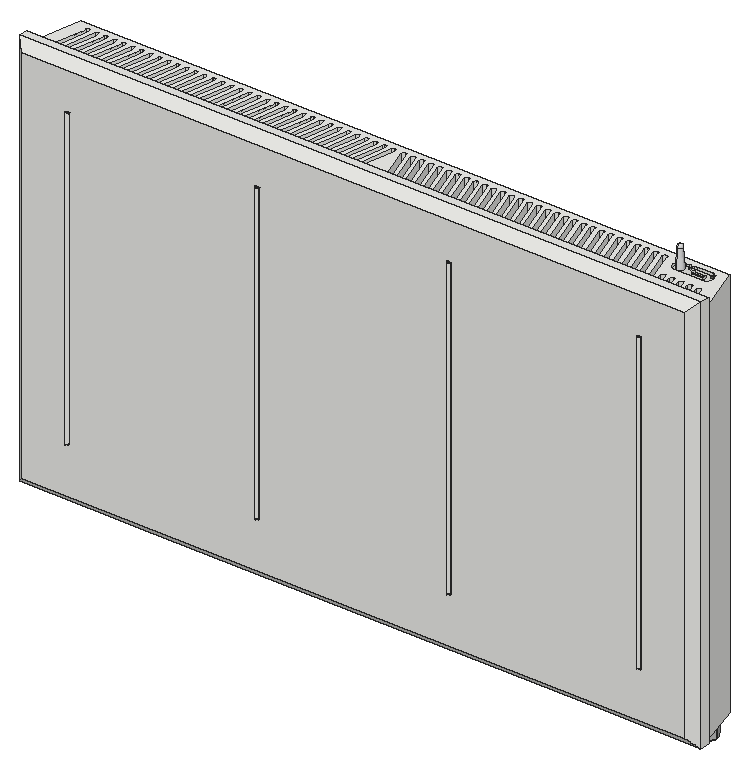
Revit family "MDN 750 RF", category Mechanical Equipment, Revit 2018
Family settings
  Round Connector Dimension = Use Radius
  Part Type = Normal
  OmniClass Number = 23.75.10.14.14.11
  OmniClass Title = Storage Heaters
  Work Plane-Based = No
  Always vertical = Yes
  Cut with Voids When Loaded = No
  Shared = No
  Room Calculation Point = No
Parameters
  Zwart = Zwart
  Voltage = 230 V
  URL = "https://masterwatt.nl/"
  Power (default) = 750 VA
  Phase = 1
  Model = "MDN 750 RF"
  Manufacturer = "Masterwatt B.V."
  Copyright = "Masterwatt B.V."  # constant formula
  Colour = Laquer White
  Scherm = Screen
  Beugel = Metaal
  Licht grijs = Licht grijs
  Diepte = 71 mm
  Hoogte = 440 mm
  Breedte = 750 mm
  Art. No. = "429 754 221"
Reference planes
  plane 1 "Center (Front/Back)": y = 0
  plane 2: z = 0
  plane 3 "Center (Left/Right)": x = 0
  plane 4: x = 375
  plane 5: x = -375
  plane 6: z = 440
  plane 7: y = 35.5
  plane 8: y = -35.5
  plane 9: z = 402
  plane 10: z = 412
  plane 11: x = -222
  plane 12: x = 222
  plane 13: z = 32
  plane 14: x = -201
  plane 15: x = 201
  plane 16: z = 367
  plane 17: x = -22
  plane 18: x = 22
Forms (mm)
  Extrusion 1, solid, material "Laquer White" <- "Colour"
    sketch origin (0, 0, 0) x (1, 0, 0) y (0, 0, 1)
      loop
        line (-375, 440) -> (-375, 0) -> (375, 0) -> (375, 440) -> (-375, 440)
    from 15.5 to 35.5
  Sweep 2, void
    path in 3D
      loop
        line (-375, -35.5, 440) -> (-375, -35.5, 0) -> (375, -35.5, 0) -> (375, -35.5, 440) -> (-375, -35.5, 440)
    profile origin (0, -35.5, 440) x (0, -1, 0) y (0, 0, 1)
      loop
        line (0, 0) -> (-10, 0) -> (0, -10) -> (0, 0)
  Blend 3, void
    base sketch origin (-629, 0, 0) x (1, 0, 0) y (0, 0, 1)
      loop
        line (314, 388) -> (314, 62) -> (315, 62) -> (315, 388) -> (314, 388)
    top sketch origin (-629, 0, 0) x (1, 0, 0) y (0, 0, 1)
      loop
        arc (312, 390) -> (311.293, 389.707) -> (311, 389) r 1
        line (311, 389) -> (311, 61)
        arc (311, 61) -> (311.293, 60.293) -> (312, 60) r 1
        line (312, 60) -> (317, 60)
        arc (317, 60) -> (317.707, 60.293) -> (318, 61) r 1
        line (318, 61) -> (318, 389)
        arc (318, 389) -> (317.707, 389.707) -> (317, 390) r 1
        line (317, 390) -> (312, 390)
    from 34 to 36
  Blend 4, void
    base sketch origin (-420, 0, 0) x (1, 0, 0) y (0, 0, 1)
      loop
        line (314, 388) -> (314, 62) -> (315, 62) -> (315, 388) -> (314, 388)
    top sketch origin (-420, 0, 0) x (1, 0, 0) y (0, 0, 1)
      loop
        arc (312, 390) -> (311.293, 389.707) -> (311, 389) r 1
        line (311, 389) -> (311, 61)
        arc (311, 61) -> (311.293, 60.293) -> (312, 60) r 1
        line (312, 60) -> (317, 60)
        arc (317, 60) -> (317.707, 60.293) -> (318, 61) r 1
        line (318, 61) -> (318, 389)
        arc (318, 389) -> (317.707, 389.707) -> (317, 390) r 1
        line (317, 390) -> (312, 390)
    from 34 to 36
  Blend 5, void
    base sketch origin (-209, 0, 0) x (1, 0, 0) y (0, 0, 1)
      loop
        line (314, 388) -> (314, 62) -> (315, 62) -> (315, 388) -> (314, 388)
    top sketch origin (-209, 0, 0) x (1, 0, 0) y (0, 0, 1)
      loop
        arc (312, 390) -> (311.293, 389.707) -> (311, 389) r 1
        line (311, 389) -> (311, 61)
        arc (311, 61) -> (311.293, 60.293) -> (312, 60) r 1
        line (312, 60) -> (317, 60)
        arc (317, 60) -> (317.707, 60.293) -> (318, 61) r 1
        line (318, 61) -> (318, 389)
        arc (318, 389) -> (317.707, 389.707) -> (317, 390) r 1
        line (317, 390) -> (312, 390)
    from 34 to 36
  Extrusion 6, solid, material "Laquer White"
    sketch origin (0, 0, 0) x (0, 1, 0) y (0, 0, 1)
      loop
        line (-25.5, 2) -> (35.5, 2) -> (35.5, 434) -> (-25.5, 428.02) -> (-25.5, 2)
    from -373 to 373
  Extrusion 7, void
    sketch origin (0, 0, 0) x (1, 0, 0) y (0, 1, 0)
      loop
        line (373, -15.5) -> (373, 35.5) -> (357.408, 35.5) -> (373, -15.5)
    from 2 to 440
  Extrusion 8, void
    sketch origin (0, 0, 0) x (-1, 0, 0) y (0, -1, 0)
      loop
        line (373, 15.5) -> (357.408, -35.5) -> (373, -35.5) -> (373, 15.5)
    from 2 to 440
  Extrusion 9, void
    sketch origin (0, 0, 0) x (1, 0, 0) y (0, 1, 0)
      loop
        arc (350.43, -7.84) -> (353.551, -9.5) -> (355.211, -6.378) r 2.5
        line (355.211, -6.378) -> (352.288, 3.185)
        arc (352.288, 3.185) -> (349.166, 4.845) -> (347.506, 1.723) r 2.5
        line (347.506, 1.723) -> (350.43, -7.84)
      loop
        arc (340.53, -7.84) -> (343.651, -9.5) -> (345.311, -6.378) r 2.5
        line (345.311, -6.378) -> (342.388, 3.185)
        arc (342.388, 3.185) -> (339.266, 4.845) -> (337.606, 1.723) r 2.5
        line (337.606, 1.723) -> (340.53, -7.84)
      loop
        arc (330.63, -7.84) -> (333.751, -9.5) -> (335.411, -6.378) r 2.5
        line (335.411, -6.378) -> (332.488, 3.185)
        arc (332.488, 3.185) -> (329.366, 4.845) -> (327.706, 1.723) r 2.5
        line (327.706, 1.723) -> (330.63, -7.84)
      loop
        arc (320.73, -7.84) -> (323.851, -9.5) -> (325.511, -6.378) r 2.5
        line (325.511, -6.378) -> (322.588, 3.185)
        arc (322.588, 3.185) -> (319.466, 4.845) -> (317.806, 1.723) r 2.5
        line (317.806, 1.723) -> (320.73, -7.84)
      loop
        arc (310.83, -7.84) -> (313.951, -9.5) -> (315.611, -6.378) r 2.5
        line (315.611, -6.378) -> (312.688, 3.185)
        arc (312.688, 3.185) -> (309.566, 4.845) -> (307.906, 1.723) r 2.5
        line (307.906, 1.723) -> (310.83, -7.84)
      loop
        arc (300.93, -7.84) -> (304.051, -9.5) -> (305.711, -6.378) r 2.5
        line (305.711, -6.378) -> (295.478, 27.092)
        arc (295.478, 27.092) -> (292.357, 28.752) -> (290.697, 25.63) r 2.5
        line (290.697, 25.63) -> (300.93, -7.84)
      loop
        arc (291.03, -7.84) -> (294.151, -9.5) -> (295.811, -6.378) r 2.5
        line (295.811, -6.378) -> (285.578, 27.092)
        arc (285.578, 27.092) -> (282.457, 28.752) -> (280.797, 25.63) r 2.5
        line (280.797, 25.63) -> (291.03, -7.84)
      loop
        arc (281.13, -7.84) -> (284.251, -9.5) -> (285.911, -6.378) r 2.5
        line (285.911, -6.378) -> (275.678, 27.092)
        arc (275.678, 27.092) -> (272.557, 28.752) -> (270.897, 25.63) r 2.5
        line (270.897, 25.63) -> (281.13, -7.84)
      loop
        arc (271.23, -7.84) -> (274.351, -9.5) -> (276.011, -6.378) r 2.5
        line (276.011, -6.378) -> (265.778, 27.092)
        arc (265.778, 27.092) -> (262.657, 28.752) -> (260.997, 25.63) r 2.5
        line (260.997, 25.63) -> (271.23, -7.84)
      loop
        arc (261.33, -7.84) -> (264.451, -9.5) -> (266.111, -6.378) r 2.5
        line (266.111, -6.378) -> (255.878, 27.092)
        arc (255.878, 27.092) -> (252.757, 28.752) -> (251.097, 25.63) r 2.5
        line (251.097, 25.63) -> (261.33, -7.84)
      loop
        arc (251.43, -7.84) -> (254.551, -9.5) -> (256.211, -6.378) r 2.5
        line (256.211, -6.378) -> (245.978, 27.092)
        arc (245.978, 27.092) -> (242.857, 28.752) -> (241.197, 25.63) r 2.5
        line (241.197, 25.63) -> (251.43, -7.84)
      loop
        arc (241.53, -7.84) -> (244.651, -9.5) -> (246.311, -6.378) r 2.5
        line (246.311, -6.378) -> (236.078, 27.092)
        arc (236.078, 27.092) -> (232.957, 28.752) -> (231.297, 25.63) r 2.5
        line (231.297, 25.63) -> (241.53, -7.84)
      loop
        arc (231.63, -7.84) -> (234.751, -9.5) -> (236.411, -6.378) r 2.5
        line (236.411, -6.378) -> (226.178, 27.092)
        arc (226.178, 27.092) -> (223.057, 28.752) -> (221.397, 25.63) r 2.5
        line (221.397, 25.63) -> (231.63, -7.84)
      loop
        arc (221.73, -7.84) -> (224.851, -9.5) -> (226.511, -6.378) r 2.5
        line (226.511, -6.378) -> (216.278, 27.092)
        arc (216.278, 27.092) -> (213.157, 28.752) -> (211.497, 25.63) r 2.5
        line (211.497, 25.63) -> (221.73, -7.84)
      loop
        arc (211.83, -7.84) -> (214.951, -9.5) -> (216.611, -6.378) r 2.5
        line (216.611, -6.378) -> (206.378, 27.092)
        arc (206.378, 27.092) -> (203.257, 28.752) -> (201.597, 25.63) r 2.5
        line (201.597, 25.63) -> (211.83, -7.84)
      loop
        arc (201.93, -7.84) -> (205.051, -9.5) -> (206.711, -6.378) r 2.5
        line (206.711, -6.378) -> (196.478, 27.092)
        arc (196.478, 27.092) -> (193.357, 28.752) -> (191.697, 25.63) r 2.5
        line (191.697, 25.63) -> (201.93, -7.84)
      loop
        arc (192.03, -7.84) -> (195.151, -9.5) -> (196.811, -6.378) r 2.5
        line (196.811, -6.378) -> (186.578, 27.092)
        arc (186.578, 27.092) -> (183.457, 28.752) -> (181.797, 25.63) r 2.5
        line (181.797, 25.63) -> (192.03, -7.84)
      loop
        arc (182.13, -7.84) -> (185.251, -9.5) -> (186.911, -6.378) r 2.5
        line (186.911, -6.378) -> (176.678, 27.092)
        arc (176.678, 27.092) -> (173.557, 28.752) -> (171.897, 25.63) r 2.5
        line (171.897, 25.63) -> (182.13, -7.84)
      loop
        arc (172.23, -7.84) -> (175.351, -9.5) -> (177.011, -6.378) r 2.5
        line (177.011, -6.378) -> (166.778, 27.092)
        arc (166.778, 27.092) -> (163.657, 28.752) -> (161.997, 25.63) r 2.5
        line (161.997, 25.63) -> (172.23, -7.84)
      loop
        arc (162.33, -7.84) -> (165.451, -9.5) -> (167.111, -6.378) r 2.5
        line (167.111, -6.378) -> (156.878, 27.092)
        arc (156.878, 27.092) -> (153.757, 28.752) -> (152.097, 25.63) r 2.5
        line (152.097, 25.63) -> (162.33, -7.84)
      loop
        arc (152.43, -7.84) -> (155.551, -9.5) -> (157.211, -6.378) r 2.5
        line (157.211, -6.378) -> (146.978, 27.092)
        arc (146.978, 27.092) -> (143.857, 28.752) -> (142.197, 25.63) r 2.5
        line (142.197, 25.63) -> (152.43, -7.84)
      loop
        arc (142.53, -7.84) -> (145.651, -9.5) -> (147.311, -6.378) r 2.5
        line (147.311, -6.378) -> (137.078, 27.092)
        arc (137.078, 27.092) -> (133.957, 28.752) -> (132.297, 25.63) r 2.5
        line (132.297, 25.63) -> (142.53, -7.84)
      loop
        arc (132.63, -7.84) -> (135.751, -9.5) -> (137.411, -6.378) r 2.5
        line (137.411, -6.378) -> (127.178, 27.092)
        arc (127.178, 27.092) -> (124.057, 28.752) -> (122.397, 25.63) r 2.5
        line (122.397, 25.63) -> (132.63, -7.84)
      loop
        arc (122.73, -7.84) -> (125.851, -9.5) -> (127.511, -6.378) r 2.5
        line (127.511, -6.378) -> (117.278, 27.092)
        arc (117.278, 27.092) -> (114.157, 28.752) -> (112.497, 25.63) r 2.5
        line (112.497, 25.63) -> (122.73, -7.84)
      loop
        arc (112.83, -7.84) -> (115.951, -9.5) -> (117.611, -6.378) r 2.5
        line (117.611, -6.378) -> (107.378, 27.092)
        arc (107.378, 27.092) -> (104.257, 28.752) -> (102.597, 25.63) r 2.5
        line (102.597, 25.63) -> (112.83, -7.84)
      loop
        arc (102.93, -7.84) -> (106.051, -9.5) -> (107.711, -6.378) r 2.5
        line (107.711, -6.378) -> (97.478, 27.092)
        arc (97.478, 27.092) -> (94.357, 28.752) -> (92.697, 25.63) r 2.5
        line (92.697, 25.63) -> (102.93, -7.84)
      loop
        arc (93.03, -7.84) -> (96.151, -9.5) -> (97.811, -6.378) r 2.5
        line (97.811, -6.378) -> (87.578, 27.092)
        arc (87.578, 27.092) -> (84.457, 28.752) -> (82.797, 25.63) r 2.5
        line (82.797, 25.63) -> (93.03, -7.84)
      loop
        arc (83.13, -7.84) -> (86.251, -9.5) -> (87.911, -6.378) r 2.5
        line (87.911, -6.378) -> (77.678, 27.092)
        arc (77.678, 27.092) -> (74.557, 28.752) -> (72.897, 25.63) r 2.5
        line (72.897, 25.63) -> (83.13, -7.84)
      loop
        arc (73.23, -7.84) -> (76.351, -9.5) -> (78.011, -6.378) r 2.5
        line (78.011, -6.378) -> (67.778, 27.092)
        arc (67.778, 27.092) -> (64.657, 28.752) -> (62.997, 25.63) r 2.5
        line (62.997, 25.63) -> (73.23, -7.84)
      loop
        arc (63.33, -7.84) -> (66.451, -9.5) -> (68.111, -6.378) r 2.5
        line (68.111, -6.378) -> (57.878, 27.092)
        arc (57.878, 27.092) -> (54.757, 28.752) -> (53.097, 25.63) r 2.5
        line (53.097, 25.63) -> (63.33, -7.84)
      loop
        arc (53.43, -7.84) -> (56.551, -9.5) -> (58.211, -6.378) r 2.5
        line (58.211, -6.378) -> (47.978, 27.092)
        arc (47.978, 27.092) -> (44.857, 28.752) -> (43.197, 25.63) r 2.5
        line (43.197, 25.63) -> (53.43, -7.84)
      loop
        arc (43.53, -7.84) -> (46.651, -9.5) -> (48.311, -6.378) r 2.5
        line (48.311, -6.378) -> (38.078, 27.092)
        arc (38.078, 27.092) -> (34.957, 28.752) -> (33.297, 25.63) r 2.5
        line (33.297, 25.63) -> (43.53, -7.84)
      loop
        arc (33.63, -7.84) -> (36.751, -9.5) -> (38.411, -6.378) r 2.5
        line (38.411, -6.378) -> (28.178, 27.092)
        arc (28.178, 27.092) -> (25.057, 28.752) -> (23.397, 25.63) r 2.5
        line (23.397, 25.63) -> (33.63, -7.84)
      loop
        arc (23.73, -7.84) -> (26.851, -9.5) -> (28.511, -6.378) r 2.5
        line (28.511, -6.378) -> (18.278, 27.092)
        arc (18.278, 27.092) -> (15.157, 28.752) -> (13.497, 25.63) r 2.5
        line (13.497, 25.63) -> (23.73, -7.84)
      loop
        arc (13.83, -7.84) -> (16.951, -9.5) -> (18.611, -6.378) r 2.5
        line (18.611, -6.378) -> (8.378, 27.092)
        arc (8.378, 27.092) -> (5.257, 28.752) -> (3.597, 25.63) r 2.5
        line (3.597, 25.63) -> (13.83, -7.84)
      loop
        line (-350.43, -7.84) -> (-340.197, 25.63)
        arc (-340.197, 25.63) -> (-341.857, 28.752) -> (-344.978, 27.092) r 2.5
        line (-344.978, 27.092) -> (-355.211, -6.378)
        arc (-355.211, -6.378) -> (-353.551, -9.5) -> (-350.43, -7.84) r 2.5
      loop
        line (-340.53, -7.84) -> (-330.297, 25.63)
        arc (-330.297, 25.63) -> (-331.957, 28.752) -> (-335.078, 27.092) r 2.5
        line (-335.078, 27.092) -> (-345.311, -6.378)
        arc (-345.311, -6.378) -> (-343.651, -9.5) -> (-340.53, -7.84) r 2.5
      loop
        line (-330.63, -7.84) -> (-320.397, 25.63)
        arc (-320.397, 25.63) -> (-322.057, 28.752) -> (-325.178, 27.092) r 2.5
        line (-325.178, 27.092) -> (-335.411, -6.378)
        arc (-335.411, -6.378) -> (-333.751, -9.5) -> (-330.63, -7.84) r 2.5
      loop
        line (-320.73, -7.84) -> (-310.497, 25.63)
        arc (-310.497, 25.63) -> (-312.157, 28.752) -> (-315.278, 27.092) r 2.5
        line (-315.278, 27.092) -> (-325.511, -6.378)
        arc (-325.511, -6.378) -> (-323.851, -9.5) -> (-320.73, -7.84) r 2.5
      loop
        line (-310.83, -7.84) -> (-300.597, 25.63)
        arc (-300.597, 25.63) -> (-302.257, 28.752) -> (-305.378, 27.092) r 2.5
        line (-305.378, 27.092) -> (-315.611, -6.378)
        arc (-315.611, -6.378) -> (-313.951, -9.5) -> (-310.83, -7.84) r 2.5
      loop
        line (-300.93, -7.84) -> (-290.697, 25.63)
        arc (-290.697, 25.63) -> (-292.357, 28.752) -> (-295.478, 27.092) r 2.5
        line (-295.478, 27.092) -> (-305.711, -6.378)
        arc (-305.711, -6.378) -> (-304.051, -9.5) -> (-300.93, -7.84) r 2.5
      loop
        line (-291.03, -7.84) -> (-280.797, 25.63)
        arc (-280.797, 25.63) -> (-282.457, 28.752) -> (-285.578, 27.092) r 2.5
        line (-285.578, 27.092) -> (-295.811, -6.378)
        arc (-295.811, -6.378) -> (-294.151, -9.5) -> (-291.03, -7.84) r 2.5
      loop
        line (-281.13, -7.84) -> (-270.897, 25.63)
        arc (-270.897, 25.63) -> (-272.557, 28.752) -> (-275.678, 27.092) r 2.5
        line (-275.678, 27.092) -> (-285.911, -6.378)
        arc (-285.911, -6.378) -> (-284.251, -9.5) -> (-281.13, -7.84) r 2.5
      loop
        line (-271.23, -7.84) -> (-260.997, 25.63)
        arc (-260.997, 25.63) -> (-262.657, 28.752) -> (-265.778, 27.092) r 2.5
        line (-265.778, 27.092) -> (-276.011, -6.378)
        arc (-276.011, -6.378) -> (-274.351, -9.5) -> (-271.23, -7.84) r 2.5
      loop
        line (-261.33, -7.84) -> (-251.097, 25.63)
        arc (-251.097, 25.63) -> (-252.757, 28.752) -> (-255.878, 27.092) r 2.5
        line (-255.878, 27.092) -> (-266.111, -6.378)
        arc (-266.111, -6.378) -> (-264.451, -9.5) -> (-261.33, -7.84) r 2.5
      loop
        line (-251.43, -7.84) -> (-241.197, 25.63)
        arc (-241.197, 25.63) -> (-242.857, 28.752) -> (-245.978, 27.092) r 2.5
        line (-245.978, 27.092) -> (-256.211, -6.378)
        arc (-256.211, -6.378) -> (-254.551, -9.5) -> (-251.43, -7.84) r 2.5
      loop
        line (-241.53, -7.84) -> (-231.297, 25.63)
        arc (-231.297, 25.63) -> (-232.957, 28.752) -> (-236.078, 27.092) r 2.5
        line (-236.078, 27.092) -> (-246.311, -6.378)
        arc (-246.311, -6.378) -> (-244.651, -9.5) -> (-241.53, -7.84) r 2.5
      loop
        line (-231.63, -7.84) -> (-221.397, 25.63)
        arc (-221.397, 25.63) -> (-223.057, 28.752) -> (-226.178, 27.092) r 2.5
        line (-226.178, 27.092) -> (-236.411, -6.378)
        arc (-236.411, -6.378) -> (-234.751, -9.5) -> (-231.63, -7.84) r 2.5
      loop
        line (-221.73, -7.84) -> (-211.497, 25.63)
        arc (-211.497, 25.63) -> (-213.157, 28.752) -> (-216.278, 27.092) r 2.5
        line (-216.278, 27.092) -> (-226.511, -6.378)
        arc (-226.511, -6.378) -> (-224.851, -9.5) -> (-221.73, -7.84) r 2.5
      loop
        line (-211.83, -7.84) -> (-201.597, 25.63)
        arc (-201.597, 25.63) -> (-203.257, 28.752) -> (-206.378, 27.092) r 2.5
        line (-206.378, 27.092) -> (-216.611, -6.378)
        arc (-216.611, -6.378) -> (-214.951, -9.5) -> (-211.83, -7.84) r 2.5
      loop
        line (-201.93, -7.84) -> (-191.697, 25.63)
        arc (-191.697, 25.63) -> (-193.357, 28.752) -> (-196.478, 27.092) r 2.5
        line (-196.478, 27.092) -> (-206.711, -6.378)
        arc (-206.711, -6.378) -> (-205.051, -9.5) -> (-201.93, -7.84) r 2.5
      loop
        line (-192.03, -7.84) -> (-181.797, 25.63)
        arc (-181.797, 25.63) -> (-183.457, 28.752) -> (-186.578, 27.092) r 2.5
        line (-186.578, 27.092) -> (-196.811, -6.378)
        arc (-196.811, -6.378) -> (-195.151, -9.5) -> (-192.03, -7.84) r 2.5
      loop
        line (-182.13, -7.84) -> (-171.897, 25.63)
        arc (-171.897, 25.63) -> (-173.557, 28.752) -> (-176.678, 27.092) r 2.5
        line (-176.678, 27.092) -> (-186.911, -6.378)
        arc (-186.911, -6.378) -> (-185.251, -9.5) -> (-182.13, -7.84) r 2.5
      loop
        line (-172.23, -7.84) -> (-161.997, 25.63)
        arc (-161.997, 25.63) -> (-163.657, 28.752) -> (-166.778, 27.092) r 2.5
        line (-166.778, 27.092) -> (-177.011, -6.378)
        arc (-177.011, -6.378) -> (-175.351, -9.5) -> (-172.23, -7.84) r 2.5
      loop
        line (-162.33, -7.84) -> (-152.097, 25.63)
        arc (-152.097, 25.63) -> (-153.757, 28.752) -> (-156.878, 27.092) r 2.5
        line (-156.878, 27.092) -> (-167.111, -6.378)
        arc (-167.111, -6.378) -> (-165.451, -9.5) -> (-162.33, -7.84) r 2.5
      loop
        line (-152.43, -7.84) -> (-142.197, 25.63)
        arc (-142.197, 25.63) -> (-143.857, 28.752) -> (-146.978, 27.092) r 2.5
        line (-146.978, 27.092) -> (-157.211, -6.378)
        arc (-157.211, -6.378) -> (-155.551, -9.5) -> (-152.43, -7.84) r 2.5
      loop
        line (-142.53, -7.84) -> (-132.297, 25.63)
        arc (-132.297, 25.63) -> (-133.957, 28.752) -> (-137.078, 27.092) r 2.5
        line (-137.078, 27.092) -> (-147.311, -6.378)
        arc (-147.311, -6.378) -> (-145.651, -9.5) -> (-142.53, -7.84) r 2.5
      loop
        line (-132.63, -7.84) -> (-122.397, 25.63)
        arc (-122.397, 25.63) -> (-124.057, 28.752) -> (-127.178, 27.092) r 2.5
        line (-127.178, 27.092) -> (-137.411, -6.378)
        arc (-137.411, -6.378) -> (-135.751, -9.5) -> (-132.63, -7.84) r 2.5
      loop
        line (-122.73, -7.84) -> (-112.497, 25.63)
        arc (-112.497, 25.63) -> (-114.157, 28.752) -> (-117.278, 27.092) r 2.5
        line (-117.278, 27.092) -> (-127.511, -6.378)
        arc (-127.511, -6.378) -> (-125.851, -9.5) -> (-122.73, -7.84) r 2.5
      loop
        line (-112.83, -7.84) -> (-102.597, 25.63)
        arc (-102.597, 25.63) -> (-104.257, 28.752) -> (-107.378, 27.092) r 2.5
        line (-107.378, 27.092) -> (-117.611, -6.378)
        arc (-117.611, -6.378) -> (-115.951, -9.5) -> (-112.83, -7.84) r 2.5
      loop
        line (-102.93, -7.84) -> (-92.697, 25.63)
        arc (-92.697, 25.63) -> (-94.357, 28.752) -> (-97.478, 27.092) r 2.5
        line (-97.478, 27.092) -> (-107.711, -6.378)
        arc (-107.711, -6.378) -> (-106.051, -9.5) -> (-102.93, -7.84) r 2.5
      loop
        line (-93.03, -7.84) -> (-82.797, 25.63)
        arc (-82.797, 25.63) -> (-84.457, 28.752) -> (-87.578, 27.092) r 2.5
        line (-87.578, 27.092) -> (-97.811, -6.378)
        arc (-97.811, -6.378) -> (-96.151, -9.5) -> (-93.03, -7.84) r 2.5
      loop
        line (-83.13, -7.84) -> (-72.897, 25.63)
        arc (-72.897, 25.63) -> (-74.557, 28.752) -> (-77.678, 27.092) r 2.5
        line (-77.678, 27.092) -> (-87.911, -6.378)
        arc (-87.911, -6.378) -> (-86.251, -9.5) -> (-83.13, -7.84) r 2.5
      loop
        line (-73.23, -7.84) -> (-62.997, 25.63)
        arc (-62.997, 25.63) -> (-64.657, 28.752) -> (-67.778, 27.092) r 2.5
        line (-67.778, 27.092) -> (-78.011, -6.378)
        arc (-78.011, -6.378) -> (-76.351, -9.5) -> (-73.23, -7.84) r 2.5
      loop
        line (-63.33, -7.84) -> (-53.097, 25.63)
        arc (-53.097, 25.63) -> (-54.757, 28.752) -> (-57.878, 27.092) r 2.5
        line (-57.878, 27.092) -> (-68.111, -6.378)
        arc (-68.111, -6.378) -> (-66.451, -9.5) -> (-63.33, -7.84) r 2.5
      loop
        line (-53.43, -7.84) -> (-43.197, 25.63)
        arc (-43.197, 25.63) -> (-44.857, 28.752) -> (-47.978, 27.092) r 2.5
        line (-47.978, 27.092) -> (-58.211, -6.378)
        arc (-58.211, -6.378) -> (-56.551, -9.5) -> (-53.43, -7.84) r 2.5
      loop
        line (-43.53, -7.84) -> (-33.297, 25.63)
        arc (-33.297, 25.63) -> (-34.957, 28.752) -> (-38.078, 27.092) r 2.5
        line (-38.078, 27.092) -> (-48.311, -6.378)
        arc (-48.311, -6.378) -> (-46.651, -9.5) -> (-43.53, -7.84) r 2.5
      loop
        line (-33.63, -7.84) -> (-23.397, 25.63)
        arc (-23.397, 25.63) -> (-25.057, 28.752) -> (-28.178, 27.092) r 2.5
        line (-28.178, 27.092) -> (-38.411, -6.378)
        arc (-38.411, -6.378) -> (-36.751, -9.5) -> (-33.63, -7.84) r 2.5
      loop
        line (-23.73, -7.84) -> (-13.497, 25.63)
        arc (-13.497, 25.63) -> (-15.157, 28.752) -> (-18.278, 27.092) r 2.5
        line (-18.278, 27.092) -> (-28.511, -6.378)
        arc (-28.511, -6.378) -> (-26.851, -9.5) -> (-23.73, -7.84) r 2.5
      loop
        line (-13.83, -7.84) -> (-3.597, 25.63)
        arc (-3.597, 25.63) -> (-5.257, 28.752) -> (-8.378, 27.092) r 2.5
        line (-8.378, 27.092) -> (-18.611, -6.378)
        arc (-18.611, -6.378) -> (-16.951, -9.5) -> (-13.83, -7.84) r 2.5
    from 420 to 440
  Extrusion 10, void
    sketch origin (0, 0, 0) x (1, 0, 0) y (0, 1, 0)
      loop
        line (297, -25.5) -> (297, -15.5) -> (253, -15.5) -> (253, -25.5) -> (297, -25.5)
    from 0 to 3
  Extrusion 11, void
    sketch origin (0, 0, 0) x (-1, 0, 0) y (0, -1, 0)
      loop
        line (297, 25.5) -> (253, 25.5) -> (253, 15.5) -> (297, 15.5) -> (297, 25.5)
    from 0 to 3
  Extrusion 12, void
    sketch origin (0, 200, 0) x (1, 0, 0) y (0, 1, 0)
      loop
        line (-330, -184) -> (-330, -209)
        arc (-330, -209) -> (-327.5, -211.5) -> (-325, -209) r 2.5
        line (-325, -209) -> (-325, -184)
        arc (-325, -184) -> (-327.5, -181.5) -> (-330, -184) r 2.5
      loop
        line (-320, -184) -> (-320, -209)
        arc (-320, -209) -> (-317.5, -211.5) -> (-315, -209) r 2.5
        line (-315, -209) -> (-315, -184)
        arc (-315, -184) -> (-317.5, -181.5) -> (-320, -184) r 2.5
      loop
        line (-310, -184) -> (-310, -209)
        arc (-310, -209) -> (-307.5, -211.5) -> (-305, -209) r 2.5
        line (-305, -209) -> (-305, -184)
        arc (-305, -184) -> (-307.5, -181.5) -> (-310, -184) r 2.5
      loop
        line (2.5, -184) -> (2.5, -209)
        arc (2.5, -209) -> (5, -211.5) -> (7.5, -209) r 2.5
        line (7.5, -209) -> (7.5, -184)
        arc (7.5, -184) -> (5, -181.5) -> (2.5, -184) r 2.5
      loop
        line (-7.5, -184) -> (-7.5, -209)
        arc (-7.5, -209) -> (-5, -211.5) -> (-2.5, -209) r 2.5
        line (-2.5, -209) -> (-2.5, -184)
        arc (-2.5, -184) -> (-5, -181.5) -> (-7.5, -184) r 2.5
      loop
        line (-17.5, -184) -> (-17.5, -209)
        arc (-17.5, -209) -> (-15, -211.5) -> (-12.5, -209) r 2.5
        line (-12.5, -209) -> (-12.5, -184)
        arc (-12.5, -184) -> (-15, -181.5) -> (-17.5, -184) r 2.5
      loop
        line (-27.5, -184) -> (-27.5, -209)
        arc (-27.5, -209) -> (-25, -211.5) -> (-22.5, -209) r 2.5
        line (-22.5, -209) -> (-22.5, -184)
        arc (-22.5, -184) -> (-25, -181.5) -> (-27.5, -184) r 2.5
      loop
        line (-37.5, -184) -> (-37.5, -209)
        arc (-37.5, -209) -> (-35, -211.5) -> (-32.5, -209) r 2.5
        line (-32.5, -209) -> (-32.5, -184)
        arc (-32.5, -184) -> (-35, -181.5) -> (-37.5, -184) r 2.5
      loop
        line (-47.5, -184) -> (-47.5, -209)
        arc (-47.5, -209) -> (-45, -211.5) -> (-42.5, -209) r 2.5
        line (-42.5, -209) -> (-42.5, -184)
        arc (-42.5, -184) -> (-45, -181.5) -> (-47.5, -184) r 2.5
      loop
        line (-57.5, -184) -> (-57.5, -209)
        arc (-57.5, -209) -> (-55, -211.5) -> (-52.5, -209) r 2.5
        line (-52.5, -209) -> (-52.5, -184)
        arc (-52.5, -184) -> (-55, -181.5) -> (-57.5, -184) r 2.5
      loop
        line (-67.5, -184) -> (-67.5, -209)
        arc (-67.5, -209) -> (-65, -211.5) -> (-62.5, -209) r 2.5
        line (-62.5, -209) -> (-62.5, -184)
        arc (-62.5, -184) -> (-65, -181.5) -> (-67.5, -184) r 2.5
      loop
        line (42.5, -184) -> (42.5, -209)
        arc (42.5, -209) -> (45, -211.5) -> (47.5, -209) r 2.5
        line (47.5, -209) -> (47.5, -184)
        arc (47.5, -184) -> (45, -181.5) -> (42.5, -184) r 2.5
      loop
        line (32.5, -184) -> (32.5, -209)
        arc (32.5, -209) -> (35, -211.5) -> (37.5, -209) r 2.5
        line (37.5, -209) -> (37.5, -184)
        arc (37.5, -184) -> (35, -181.5) -> (32.5, -184) r 2.5
      loop
        line (22.5, -184) -> (22.5, -209)
        arc (22.5, -209) -> (25, -211.5) -> (27.5, -209) r 2.5
        line (27.5, -209) -> (27.5, -184)
        arc (27.5, -184) -> (25, -181.5) -> (22.5, -184) r 2.5
      loop
        line (12.5, -184) -> (12.5, -209)
        arc (12.5, -209) -> (15, -211.5) -> (17.5, -209) r 2.5
        line (17.5, -209) -> (17.5, -184)
        arc (17.5, -184) -> (15, -181.5) -> (12.5, -184) r 2.5
      loop
        line (62.5, -184) -> (62.5, -209)
        arc (62.5, -209) -> (65, -211.5) -> (67.5, -209) r 2.5
        line (67.5, -209) -> (67.5, -184)
        arc (67.5, -184) -> (65, -181.5) -> (62.5, -184) r 2.5
      loop
        line (52.5, -184) -> (52.5, -209)
        arc (52.5, -209) -> (55, -211.5) -> (57.5, -209) r 2.5
        line (57.5, -209) -> (57.5, -184)
        arc (57.5, -184) -> (55, -181.5) -> (52.5, -184) r 2.5
      loop
        line (-97.5, -184) -> (-97.5, -209)
        arc (-97.5, -209) -> (-95, -211.5) -> (-92.5, -209) r 2.5
        line (-92.5, -209) -> (-92.5, -184)
        arc (-92.5, -184) -> (-95, -181.5) -> (-97.5, -184) r 2.5
      loop
        line (-107.5, -184) -> (-107.5, -209)
        arc (-107.5, -209) -> (-105, -211.5) -> (-102.5, -209) r 2.5
        line (-102.5, -209) -> (-102.5, -184)
        arc (-102.5, -184) -> (-105, -181.5) -> (-107.5, -184) r 2.5
      loop
        line (-117.5, -184) -> (-117.5, -209)
        arc (-117.5, -209) -> (-115, -211.5) -> (-112.5, -209) r 2.5
        line (-112.5, -209) -> (-112.5, -184)
        arc (-112.5, -184) -> (-115, -181.5) -> (-117.5, -184) r 2.5
      loop
        line (-127.5, -184) -> (-127.5, -209)
        arc (-127.5, -209) -> (-125, -211.5) -> (-122.5, -209) r 2.5
        line (-122.5, -209) -> (-122.5, -184)
        arc (-122.5, -184) -> (-125, -181.5) -> (-127.5, -184) r 2.5
      loop
        line (-137.5, -184) -> (-137.5, -209)
        arc (-137.5, -209) -> (-135, -211.5) -> (-132.5, -209) r 2.5
        line (-132.5, -209) -> (-132.5, -184)
        arc (-132.5, -184) -> (-135, -181.5) -> (-137.5, -184) r 2.5
      loop
        line (-147.5, -184) -> (-147.5, -209)
        arc (-147.5, -209) -> (-145, -211.5) -> (-142.5, -209) r 2.5
        line (-142.5, -209) -> (-142.5, -184)
        arc (-142.5, -184) -> (-145, -181.5) -> (-147.5, -184) r 2.5
      loop
        line (-157.5, -184) -> (-157.5, -209)
        arc (-157.5, -209) -> (-155, -211.5) -> (-152.5, -209) r 2.5
        line (-152.5, -209) -> (-152.5, -184)
        arc (-152.5, -184) -> (-155, -181.5) -> (-157.5, -184) r 2.5
      loop
        line (-167.5, -184) -> (-167.5, -209)
        arc (-167.5, -209) -> (-165, -211.5) -> (-162.5, -209) r 2.5
        line (-162.5, -209) -> (-162.5, -184)
        arc (-162.5, -184) -> (-165, -181.5) -> (-167.5, -184) r 2.5
      loop
        line (-77.5, -184) -> (-77.5, -209)
        arc (-77.5, -209) -> (-75, -211.5) -> (-72.5, -209) r 2.5
        line (-72.5, -209) -> (-72.5, -184)
        arc (-72.5, -184) -> (-75, -181.5) -> (-77.5, -184) r 2.5
      loop
        line (-87.5, -184) -> (-87.5, -209)
        arc (-87.5, -209) -> (-85, -211.5) -> (-82.5, -209) r 2.5
        line (-82.5, -209) -> (-82.5, -184)
        arc (-82.5, -184) -> (-85, -181.5) -> (-87.5, -184) r 2.5
      loop
        line (-197.5, -184) -> (-197.5, -209)
        arc (-197.5, -209) -> (-195, -211.5) -> (-192.5, -209) r 2.5
        line (-192.5, -209) -> (-192.5, -184)
        arc (-192.5, -184) -> (-195, -181.5) -> (-197.5, -184) r 2.5
      loop
        line (-207.5, -184) -> (-207.5, -209)
        arc (-207.5, -209) -> (-205, -211.5) -> (-202.5, -209) r 2.5
        line (-202.5, -209) -> (-202.5, -184)
        arc (-202.5, -184) -> (-205, -181.5) -> (-207.5, -184) r 2.5
      loop
        line (-217.5, -184) -> (-217.5, -209)
        arc (-217.5, -209) -> (-215, -211.5) -> (-212.5, -209) r 2.5
        line (-212.5, -209) -> (-212.5, -184)
        arc (-212.5, -184) -> (-215, -181.5) -> (-217.5, -184) r 2.5
      loop
        line (-227.5, -184) -> (-227.5, -209)
        arc (-227.5, -209) -> (-225, -211.5) -> (-222.5, -209) r 2.5
        line (-222.5, -209) -> (-222.5, -184)
        arc (-222.5, -184) -> (-225, -181.5) -> (-227.5, -184) r 2.5
      loop
        line (-237.5, -184) -> (-237.5, -209)
        arc (-237.5, -209) -> (-235, -211.5) -> (-232.5, -209) r 2.5
        line (-232.5, -209) -> (-232.5, -184)
        arc (-232.5, -184) -> (-235, -181.5) -> (-237.5, -184) r 2.5
      loop
        line (-247.033, -184) -> (-247.033, -209)
        arc (-247.033, -209) -> (-244.766, -211.266) -> (-242.5, -209) r 2.266
        line (-242.5, -209) -> (-242.5, -184)
        arc (-242.5, -184) -> (-244.766, -181.734) -> (-247.033, -184) r 2.266
      loop
        line (-177.5, -184) -> (-177.5, -209)
        arc (-177.5, -209) -> (-175, -211.5) -> (-172.5, -209) r 2.5
        line (-172.5, -209) -> (-172.5, -184)
        arc (-172.5, -184) -> (-175, -181.5) -> (-177.5, -184) r 2.5
      loop
        line (-187.5, -184) -> (-187.5, -209)
        arc (-187.5, -209) -> (-185, -211.5) -> (-182.5, -209) r 2.5
        line (-182.5, -209) -> (-182.5, -184)
        arc (-182.5, -184) -> (-185, -181.5) -> (-187.5, -184) r 2.5
      loop
        line (222.5, -184) -> (222.5, -209)
        arc (222.5, -209) -> (225, -211.5) -> (227.5, -209) r 2.5
        line (227.5, -209) -> (227.5, -184)
        arc (227.5, -184) -> (225, -181.5) -> (222.5, -184) r 2.5
      loop
        line (212.5, -184) -> (212.5, -209)
        arc (212.5, -209) -> (215, -211.5) -> (217.5, -209) r 2.5
        line (217.5, -209) -> (217.5, -184)
        arc (217.5, -184) -> (215, -181.5) -> (212.5, -184) r 2.5
      loop
        line (202.5, -184) -> (202.5, -209)
        arc (202.5, -209) -> (205, -211.5) -> (207.5, -209) r 2.5
        line (207.5, -209) -> (207.5, -184)
        arc (207.5, -184) -> (205, -181.5) -> (202.5, -184) r 2.5
      loop
        line (192.5, -184) -> (192.5, -209)
        arc (192.5, -209) -> (195, -211.5) -> (197.5, -209) r 2.5
        line (197.5, -209) -> (197.5, -184)
        arc (197.5, -184) -> (195, -181.5) -> (192.5, -184) r 2.5
      loop
        line (182.5, -184) -> (182.5, -209)
        arc (182.5, -209) -> (185, -211.5) -> (187.5, -209) r 2.5
        line (187.5, -209) -> (187.5, -184)
        arc (187.5, -184) -> (185, -181.5) -> (182.5, -184) r 2.5
      loop
        line (172.5, -184) -> (172.5, -209)
        arc (172.5, -209) -> (175, -211.5) -> (177.5, -209) r 2.5
        line (177.5, -209) -> (177.5, -184)
        arc (177.5, -184) -> (175, -181.5) -> (172.5, -184) r 2.5
      loop
        line (162.5, -184) -> (162.5, -209)
        arc (162.5, -209) -> (165, -211.5) -> (167.5, -209) r 2.5
        line (167.5, -209) -> (167.5, -184)
        arc (167.5, -184) -> (165, -181.5) -> (162.5, -184) r 2.5
      loop
        line (152.5, -184) -> (152.5, -209)
        arc (152.5, -209) -> (155, -211.5) -> (157.5, -209) r 2.5
        line (157.5, -209) -> (157.5, -184)
        arc (157.5, -184) -> (155, -181.5) -> (152.5, -184) r 2.5
      loop
        line (242.5, -184) -> (242.5, -209)
        arc (242.5, -209) -> (245, -211.5) -> (247.5, -209) r 2.5
        line (247.5, -209) -> (247.5, -184)
        arc (247.5, -184) -> (245, -181.5) -> (242.5, -184) r 2.5
      loop
        line (232.5, -184) -> (232.5, -209)
        arc (232.5, -209) -> (235, -211.5) -> (237.5, -209) r 2.5
        line (237.5, -209) -> (237.5, -184)
        arc (237.5, -184) -> (235, -181.5) -> (232.5, -184) r 2.5
      loop
        line (122.5, -184) -> (122.5, -209)
        arc (122.5, -209) -> (125, -211.5) -> (127.5, -209) r 2.5
        line (127.5, -209) -> (127.5, -184)
        arc (127.5, -184) -> (125, -181.5) -> (122.5, -184) r 2.5
      loop
        line (112.5, -184) -> (112.5, -209)
        arc (112.5, -209) -> (115, -211.5) -> (117.5, -209) r 2.5
        line (117.5, -209) -> (117.5, -184)
        arc (117.5, -184) -> (115, -181.5) -> (112.5, -184) r 2.5
      loop
        line (102.5, -184) -> (102.5, -209)
        arc (102.5, -209) -> (105, -211.5) -> (107.5, -209) r 2.5
        line (107.5, -209) -> (107.5, -184)
        arc (107.5, -184) -> (105, -181.5) -> (102.5, -184) r 2.5
      loop
        line (92.5, -184) -> (92.5, -209)
        arc (92.5, -209) -> (95, -211.5) -> (97.5, -209) r 2.5
        line (97.5, -209) -> (97.5, -184)
        arc (97.5, -184) -> (95, -181.5) -> (92.5, -184) r 2.5
      loop
        line (82.5, -184) -> (82.5, -209)
        arc (82.5, -209) -> (85, -211.5) -> (87.5, -209) r 2.5
        line (87.5, -209) -> (87.5, -184)
        arc (87.5, -184) -> (85, -181.5) -> (82.5, -184) r 2.5
      loop
        line (72.5, -184) -> (72.5, -209)
        arc (72.5, -209) -> (75, -211.5) -> (77.5, -209) r 2.5
        line (77.5, -209) -> (77.5, -184)
        arc (77.5, -184) -> (75, -181.5) -> (72.5, -184) r 2.5
      loop
        line (142.5, -184) -> (142.5, -209)
        arc (142.5, -209) -> (145, -211.5) -> (147.5, -209) r 2.5
        line (147.5, -209) -> (147.5, -184)
        arc (147.5, -184) -> (145, -181.5) -> (142.5, -184) r 2.5
      loop
        line (132.5, -184) -> (132.5, -209)
        arc (132.5, -209) -> (135, -211.5) -> (137.5, -209) r 2.5
        line (137.5, -209) -> (137.5, -184)
        arc (137.5, -184) -> (135, -181.5) -> (132.5, -184) r 2.5
      loop
        line (305, -184) -> (305, -209)
        arc (305, -209) -> (307.5, -211.5) -> (310, -209) r 2.5
        line (310, -209) -> (310, -184)
        arc (310, -184) -> (307.5, -181.5) -> (305, -184) r 2.5
      loop
        line (315, -184) -> (315, -209)
        arc (315, -209) -> (317.5, -211.5) -> (320, -209) r 2.5
        line (320, -209) -> (320, -184)
        arc (320, -184) -> (317.5, -181.5) -> (315, -184) r 2.5
      loop
        line (325, -184) -> (325, -209)
        arc (325, -209) -> (327.5, -211.5) -> (330, -209) r 2.5
        line (330, -209) -> (330, -184)
        arc (330, -184) -> (327.5, -181.5) -> (325, -184) r 2.5
      loop
        line (-350, -184) -> (-350, -209)
        arc (-350, -209) -> (-347.5, -211.5) -> (-345, -209) r 2.5
        line (-345, -209) -> (-345, -184)
        arc (-345, -184) -> (-347.5, -181.5) -> (-350, -184) r 2.5
      loop
        line (-340, -184) -> (-340, -209)
        arc (-340, -209) -> (-337.5, -211.5) -> (-335, -209) r 2.5
        line (-335, -209) -> (-335, -184)
        arc (-335, -184) -> (-337.5, -181.5) -> (-340, -184) r 2.5
    from 2 to 12
  Revolve 13, void
    sketch origin (0, 200, 2) x (1, 0, 0) y (0, 1, 0)
      loop
        line (-345, -164.5) -> (-345, -177)
        arc (-345, -177) -> (-342.5, -179.5) -> (-340, -177) r 2.5
        line (-340, -177) -> (-340, -164.5) -> (-345, -164.5)
      axis (-345, -164.5) -> (-340, -164.5)
    angle from 0 to -90
  Revolve 14, void
    sketch origin (-10, 200, 2) x (1, 0, 0) y (0, 1, 0)
      loop
        line (-345, -164.5) -> (-345, -177)
        arc (-345, -177) -> (-342.5, -179.5) -> (-340, -177) r 2.5
        line (-340, -177) -> (-340, -164.5) -> (-345, -164.5)
      axis (-345, -164.5) -> (-340, -164.5)
    angle from 0 to -90
  Revolve 15, void
    sketch origin (10, 200, 2) x (1, 0, 0) y (0, 1, 0)
      loop
        line (-345, -164.5) -> (-345, -177)
        arc (-345, -177) -> (-342.5, -179.5) -> (-340, -177) r 2.5
        line (-340, -177) -> (-340, -164.5) -> (-345, -164.5)
      axis (-345, -164.5) -> (-340, -164.5)
    angle from 0 to -90
  Revolve 16, void
    sketch origin (30, 200, 2) x (1, 0, 0) y (0, 1, 0)
      loop
        line (-345, -164.5) -> (-345, -177)
        arc (-345, -177) -> (-342.5, -179.5) -> (-340, -177) r 2.5
        line (-340, -177) -> (-340, -164.5) -> (-345, -164.5)
      axis (-345, -164.5) -> (-340, -164.5)
    angle from 0 to -90
  Revolve 17, void
    sketch origin (20, 200, 2) x (1, 0, 0) y (0, 1, 0)
      loop
        line (-345, -164.5) -> (-345, -177)
        arc (-345, -177) -> (-342.5, -179.5) -> (-340, -177) r 2.5
        line (-340, -177) -> (-340, -164.5) -> (-345, -164.5)
      axis (-345, -164.5) -> (-340, -164.5)
    angle from 0 to -90
  Revolve 18, void
    sketch origin (-30, 200, 2) x (-1, 0, 0) y (0, -1, 0)
      loop
        line (-345, 164.5) -> (-340, 164.5) -> (-340, 177)
        arc (-340, 177) -> (-342.5, 179.5) -> (-345, 177) r 2.5
        line (-345, 177) -> (-345, 164.5)
      axis (-345, 164.5) -> (-340, 164.5)
    angle from 0 to -90
  Revolve 19, void
    sketch origin (-20, 200, 2) x (-1, 0, 0) y (0, -1, 0)
      loop
        line (-345, 164.5) -> (-340, 164.5) -> (-340, 177)
        arc (-340, 177) -> (-342.5, 179.5) -> (-345, 177) r 2.5
        line (-345, 177) -> (-345, 164.5)
      axis (-345, 164.5) -> (-340, 164.5)
    angle from 0 to -90
  Revolve 20, void
    sketch origin (112.5, 200, 2) x (1, 0, 0) y (0, 1, 0)
      loop
        line (-345, -164.5) -> (-345, -177)
        arc (-345, -177) -> (-342.5, -179.5) -> (-340, -177) r 2.5
        line (-340, -177) -> (-340, -164.5) -> (-345, -164.5)
      axis (-345, -164.5) -> (-340, -164.5)
    angle from 0 to -90
  Revolve 21, void
    sketch origin (102.5, 200, 2) x (1, 0, 0) y (0, 1, 0)
      loop
        line (-345, -164.5) -> (-345, -177)
        arc (-345, -177) -> (-342.5, -179.5) -> (-340, -177) r 2.5
        line (-340, -177) -> (-340, -164.5) -> (-345, -164.5)
      axis (-345, -164.5) -> (-340, -164.5)
    angle from 0 to -90
  Revolve 22, void
    sketch origin (122.5, 200, 2) x (1, 0, 0) y (0, 1, 0)
      loop
        line (-345, -164.5) -> (-345, -177)
        arc (-345, -177) -> (-342.5, -179.5) -> (-340, -177) r 2.5
        line (-340, -177) -> (-340, -164.5) -> (-345, -164.5)
      axis (-345, -164.5) -> (-340, -164.5)
    angle from 0 to -90
  Revolve 23, void
    sketch origin (142.5, 200, 2) x (1, 0, 0) y (0, 1, 0)
      loop
        line (-345, -164.5) -> (-345, -177)
        arc (-345, -177) -> (-342.5, -179.5) -> (-340, -177) r 2.5
        line (-340, -177) -> (-340, -164.5) -> (-345, -164.5)
      axis (-345, -164.5) -> (-340, -164.5)
    angle from 0 to -90
  Revolve 24, void
    sketch origin (132.5, 200, 2) x (1, 0, 0) y (0, 1, 0)
      loop
        line (-345, -164.5) -> (-345, -177)
        arc (-345, -177) -> (-342.5, -179.5) -> (-340, -177) r 2.5
        line (-340, -177) -> (-340, -164.5) -> (-345, -164.5)
      axis (-345, -164.5) -> (-340, -164.5)
    angle from 0 to -90
  Revolve 25, void
    sketch origin (162.5, 200, 2) x (1, 0, 0) y (0, 1, 0)
      loop
        line (-345, -164.5) -> (-345, -177)
        arc (-345, -177) -> (-342.5, -179.5) -> (-340, -177) r 2.5
        line (-340, -177) -> (-340, -164.5) -> (-345, -164.5)
      axis (-345, -164.5) -> (-340, -164.5)
    angle from 0 to -90
  Revolve 26, void
    sketch origin (152.5, 200, 2) x (1, 0, 0) y (0, 1, 0)
      loop
        line (-345, -164.5) -> (-345, -177)
        arc (-345, -177) -> (-342.5, -179.5) -> (-340, -177) r 2.5
        line (-340, -177) -> (-340, -164.5) -> (-345, -164.5)
      axis (-345, -164.5) -> (-340, -164.5)
    angle from 0 to -90
  Revolve 27, void
    sketch origin (172.5, 200, 2) x (1, 0, 0) y (0, 1, 0)
      loop
        line (-345, -164.5) -> (-345, -177)
        arc (-345, -177) -> (-342.5, -179.5) -> (-340, -177) r 2.5
        line (-340, -177) -> (-340, -164.5) -> (-345, -164.5)
      axis (-345, -164.5) -> (-340, -164.5)
    angle from 0 to -90
  Revolve 28, void
    sketch origin (192.5, 200, 2) x (1, 0, 0) y (0, 1, 0)
      loop
        line (-345, -164.5) -> (-345, -177)
        arc (-345, -177) -> (-342.5, -179.5) -> (-340, -177) r 2.5
        line (-340, -177) -> (-340, -164.5) -> (-345, -164.5)
      axis (-345, -164.5) -> (-340, -164.5)
    angle from 0 to -90
  Revolve 29, void
    sketch origin (182.5, 200, 2) x (1, 0, 0) y (0, 1, 0)
      loop
        line (-345, -164.5) -> (-345, -177)
        arc (-345, -177) -> (-342.5, -179.5) -> (-340, -177) r 2.5
        line (-340, -177) -> (-340, -164.5) -> (-345, -164.5)
      axis (-345, -164.5) -> (-340, -164.5)
    angle from 0 to -90
  Revolve 30, void
    sketch origin (212.5, 200, 2) x (1, 0, 0) y (0, 1, 0)
      loop
        line (-345, -164.5) -> (-345, -177)
        arc (-345, -177) -> (-342.5, -179.5) -> (-340, -177) r 2.5
        line (-340, -177) -> (-340, -164.5) -> (-345, -164.5)
      axis (-345, -164.5) -> (-340, -164.5)
    angle from 0 to -90
  Revolve 31, void
    sketch origin (202.5, 200, 2) x (1, 0, 0) y (0, 1, 0)
      loop
        line (-345, -164.5) -> (-345, -177)
        arc (-345, -177) -> (-342.5, -179.5) -> (-340, -177) r 2.5
        line (-340, -177) -> (-340, -164.5) -> (-345, -164.5)
      axis (-345, -164.5) -> (-340, -164.5)
    angle from 0 to -90
  Revolve 32, void
    sketch origin (222.5, 200, 2) x (1, 0, 0) y (0, 1, 0)
      loop
        line (-345, -164.5) -> (-345, -177)
        arc (-345, -177) -> (-342.5, -179.5) -> (-340, -177) r 2.5
        line (-340, -177) -> (-340, -164.5) -> (-345, -164.5)
      axis (-345, -164.5) -> (-340, -164.5)
    angle from 0 to -90
  Revolve 33, void
    sketch origin (242.5, 200, 2) x (1, 0, 0) y (0, 1, 0)
      loop
        line (-345, -164.5) -> (-345, -177)
        arc (-345, -177) -> (-342.5, -179.5) -> (-340, -177) r 2.5
        line (-340, -177) -> (-340, -164.5) -> (-345, -164.5)
      axis (-345, -164.5) -> (-340, -164.5)
    angle from 0 to -90
  Revolve 34, void
    sketch origin (232.5, 200, 2) x (1, 0, 0) y (0, 1, 0)
      loop
        line (-345, -164.5) -> (-345, -177)
        arc (-345, -177) -> (-342.5, -179.5) -> (-340, -177) r 2.5
        line (-340, -177) -> (-340, -164.5) -> (-345, -164.5)
      axis (-345, -164.5) -> (-340, -164.5)
    angle from 0 to -90
  Revolve 35, void
    sketch origin (262.5, 200, 2) x (1, 0, 0) y (0, 1, 0)
      loop
        line (-345, -164.5) -> (-345, -177)
        arc (-345, -177) -> (-342.5, -179.5) -> (-340, -177) r 2.5
        line (-340, -177) -> (-340, -164.5) -> (-345, -164.5)
      axis (-345, -164.5) -> (-340, -164.5)
    angle from 0 to -90
  Revolve 36, void
    sketch origin (252.5, 200, 2) x (1, 0, 0) y (0, 1, 0)
      loop
        line (-345, -164.5) -> (-345, -177)
        arc (-345, -177) -> (-342.5, -179.5) -> (-340, -177) r 2.5
        line (-340, -177) -> (-340, -164.5) -> (-345, -164.5)
      axis (-345, -164.5) -> (-340, -164.5)
    angle from 0 to -90
  Revolve 37, void
    sketch origin (272.5, 200, 2) x (1, 0, 0) y (0, 1, 0)
      loop
        line (-345, -164.5) -> (-345, -177)
        arc (-345, -177) -> (-342.5, -179.5) -> (-340, -177) r 2.5
        line (-340, -177) -> (-340, -164.5) -> (-345, -164.5)
      axis (-345, -164.5) -> (-340, -164.5)
    angle from 0 to -90
  Revolve 38, void
    sketch origin (292.5, 200, 2) x (1, 0, 0) y (0, 1, 0)
      loop
        line (-345, -164.5) -> (-345, -177)
        arc (-345, -177) -> (-342.5, -179.5) -> (-340, -177) r 2.5
        line (-340, -177) -> (-340, -164.5) -> (-345, -164.5)
      axis (-345, -164.5) -> (-340, -164.5)
    angle from 0 to -90
  Revolve 39, void
    sketch origin (282.5, 200, 2) x (1, 0, 0) y (0, 1, 0)
      loop
        line (-345, -164.5) -> (-345, -177)
        arc (-345, -177) -> (-342.5, -179.5) -> (-340, -177) r 2.5
        line (-340, -177) -> (-340, -164.5) -> (-345, -164.5)
      axis (-345, -164.5) -> (-340, -164.5)
    angle from 0 to -90
  Revolve 40, void
    sketch origin (312.5, 200, 2) x (1, 0, 0) y (0, 1, 0)
      loop
        line (-345, -164.5) -> (-345, -177)
        arc (-345, -177) -> (-342.5, -179.5) -> (-340, -177) r 2.5
        line (-340, -177) -> (-340, -164.5) -> (-345, -164.5)
      axis (-345, -164.5) -> (-340, -164.5)
    angle from 0 to -90
  Revolve 41, void
    sketch origin (302.5, 200, 2) x (1, 0, 0) y (0, 1, 0)
      loop
        line (-345, -164.5) -> (-345, -177)
        arc (-345, -177) -> (-342.5, -179.5) -> (-340, -177) r 2.5
        line (-340, -177) -> (-340, -164.5) -> (-345, -164.5)
      axis (-345, -164.5) -> (-340, -164.5)
    angle from 0 to -90
  Revolve 42, void
    sketch origin (322.5, 200, 2) x (1, 0, 0) y (0, 1, 0)
      loop
        line (-345, -164.5) -> (-345, -177)
        arc (-345, -177) -> (-342.5, -179.5) -> (-340, -177) r 2.5
        line (-340, -177) -> (-340, -164.5) -> (-345, -164.5)
      axis (-345, -164.5) -> (-340, -164.5)
    angle from 0 to -90
  Revolve 43, void
    sketch origin (342.5, 200, 2) x (1, 0, 0) y (0, 1, 0)
      loop
        line (-345, -164.5) -> (-345, -177)
        arc (-345, -177) -> (-342.5, -179.5) -> (-340, -177) r 2.5
        line (-340, -177) -> (-340, -164.5) -> (-345, -164.5)
      axis (-345, -164.5) -> (-340, -164.5)
    angle from 0 to -90
  Revolve 44, void
    sketch origin (332.5, 200, 2) x (1, 0, 0) y (0, 1, 0)
      loop
        line (-345, -164.5) -> (-345, -177)
        arc (-345, -177) -> (-342.5, -179.5) -> (-340, -177) r 2.5
        line (-340, -177) -> (-340, -164.5) -> (-345, -164.5)
      axis (-345, -164.5) -> (-340, -164.5)
    angle from 0 to -90
  Revolve 45, void
    sketch origin (362.5, 200, 2) x (1, 0, 0) y (0, 1, 0)
      loop
        line (-345, -164.5) -> (-345, -177)
        arc (-345, -177) -> (-342.5, -179.5) -> (-340, -177) r 2.5
        line (-340, -177) -> (-340, -164.5) -> (-345, -164.5)
      axis (-345, -164.5) -> (-340, -164.5)
    angle from 0 to -90
  Revolve 46, void
    sketch origin (352.5, 200, 2) x (1, 0, 0) y (0, 1, 0)
      loop
        line (-345, -164.5) -> (-345, -177)
        arc (-345, -177) -> (-342.5, -179.5) -> (-340, -177) r 2.5
        line (-340, -177) -> (-340, -164.5) -> (-345, -164.5)
      axis (-345, -164.5) -> (-340, -164.5)
    angle from 0 to -90
  Revolve 47, void
    sketch origin (372.5, 200, 2) x (1, 0, 0) y (0, 1, 0)
      loop
        line (-345, -164.5) -> (-345, -177)
        arc (-345, -177) -> (-342.5, -179.5) -> (-340, -177) r 2.5
        line (-340, -177) -> (-340, -164.5) -> (-345, -164.5)
      axis (-345, -164.5) -> (-340, -164.5)
    angle from 0 to -90
  Revolve 48, void
    sketch origin (392.5, 200, 2) x (1, 0, 0) y (0, 1, 0)
      loop
        line (-345, -164.5) -> (-345, -177)
        arc (-345, -177) -> (-342.5, -179.5) -> (-340, -177) r 2.5
        line (-340, -177) -> (-340, -164.5) -> (-345, -164.5)
      axis (-345, -164.5) -> (-340, -164.5)
    angle from 0 to -90
  Revolve 49, void
    sketch origin (382.5, 200, 2) x (1, 0, 0) y (0, 1, 0)
      loop
        line (-345, -164.5) -> (-345, -177)
        arc (-345, -177) -> (-342.5, -179.5) -> (-340, -177) r 2.5
        line (-340, -177) -> (-340, -164.5) -> (-345, -164.5)
      axis (-345, -164.5) -> (-340, -164.5)
    angle from 0 to -90
  Revolve 50, void
    sketch origin (412.5, 200, 2) x (1, 0, 0) y (0, 1, 0)
      loop
        line (-345, -164.5) -> (-345, -177)
        arc (-345, -177) -> (-342.5, -179.5) -> (-340, -177) r 2.5
        line (-340, -177) -> (-340, -164.5) -> (-345, -164.5)
      axis (-345, -164.5) -> (-340, -164.5)
    angle from 0 to -90
  Revolve 51, void
    sketch origin (402.5, 200, 2) x (1, 0, 0) y (0, 1, 0)
      loop
        line (-345, -164.5) -> (-345, -177)
        arc (-345, -177) -> (-342.5, -179.5) -> (-340, -177) r 2.5
        line (-340, -177) -> (-340, -164.5) -> (-345, -164.5)
      axis (-345, -164.5) -> (-340, -164.5)
    angle from 0 to -90
  Revolve 52, void
    sketch origin (422.5, 200, 2) x (1, 0, 0) y (0, 1, 0)
      loop
        line (-345, -164.5) -> (-345, -177)
        arc (-345, -177) -> (-342.5, -179.5) -> (-340, -177) r 2.5
        line (-340, -177) -> (-340, -164.5) -> (-345, -164.5)
      axis (-345, -164.5) -> (-340, -164.5)
    angle from 0 to -90
  Revolve 53, void
    sketch origin (442.5, 200, 2) x (1, 0, 0) y (0, 1, 0)
      loop
        line (-345, -164.5) -> (-345, -177)
        arc (-345, -177) -> (-342.5, -179.5) -> (-340, -177) r 2.5
        line (-340, -177) -> (-340, -164.5) -> (-345, -164.5)
      axis (-345, -164.5) -> (-340, -164.5)
    angle from 0 to -90
  Revolve 54, void
    sketch origin (432.5, 200, 2) x (1, 0, 0) y (0, 1, 0)
      loop
        line (-345, -164.5) -> (-345, -177)
        arc (-345, -177) -> (-342.5, -179.5) -> (-340, -177) r 2.5
        line (-340, -177) -> (-340, -164.5) -> (-345, -164.5)
      axis (-345, -164.5) -> (-340, -164.5)
    angle from 0 to -90
  Revolve 55, void
    sketch origin (462.5, 200, 2) x (1, 0, 0) y (0, 1, 0)
      loop
        line (-345, -164.5) -> (-345, -177)
        arc (-345, -177) -> (-342.5, -179.5) -> (-340, -177) r 2.5
        line (-340, -177) -> (-340, -164.5) -> (-345, -164.5)
      axis (-345, -164.5) -> (-340, -164.5)
    angle from 0 to -90
  Revolve 56, void
    sketch origin (452.5, 200, 2) x (1, 0, 0) y (0, 1, 0)
      loop
        line (-345, -164.5) -> (-345, -177)
        arc (-345, -177) -> (-342.5, -179.5) -> (-340, -177) r 2.5
        line (-340, -177) -> (-340, -164.5) -> (-345, -164.5)
      axis (-345, -164.5) -> (-340, -164.5)
    angle from 0 to -90
  Revolve 57, void
    sketch origin (472.5, 200, 2) x (1, 0, 0) y (0, 1, 0)
      loop
        line (-345, -164.5) -> (-345, -177)
        arc (-345, -177) -> (-342.5, -179.5) -> (-340, -177) r 2.5
        line (-340, -177) -> (-340, -164.5) -> (-345, -164.5)
      axis (-345, -164.5) -> (-340, -164.5)
    angle from 0 to -90
  Revolve 58, void
    sketch origin (492.5, 200, 2) x (1, 0, 0) y (0, 1, 0)
      loop
        line (-345, -164.5) -> (-345, -177)
        arc (-345, -177) -> (-342.5, -179.5) -> (-340, -177) r 2.5
        line (-340, -177) -> (-340, -164.5) -> (-345, -164.5)
      axis (-345, -164.5) -> (-340, -164.5)
    angle from 0 to -90
  Revolve 59, void
    sketch origin (482.5, 200, 2) x (1, 0, 0) y (0, 1, 0)
      loop
        line (-345, -164.5) -> (-345, -177)
        arc (-345, -177) -> (-342.5, -179.5) -> (-340, -177) r 2.5
        line (-340, -177) -> (-340, -164.5) -> (-345, -164.5)
      axis (-345, -164.5) -> (-340, -164.5)
    angle from 0 to -90
  Revolve 60, void
    sketch origin (512.5, 200, 2) x (1, 0, 0) y (0, 1, 0)
      loop
        line (-345, -164.5) -> (-345, -177)
        arc (-345, -177) -> (-342.5, -179.5) -> (-340, -177) r 2.5
        line (-340, -177) -> (-340, -164.5) -> (-345, -164.5)
      axis (-345, -164.5) -> (-340, -164.5)
    angle from 0 to -90
  Revolve 61, void
    sketch origin (502.5, 200, 2) x (1, 0, 0) y (0, 1, 0)
      loop
        line (-345, -164.5) -> (-345, -177)
        arc (-345, -177) -> (-342.5, -179.5) -> (-340, -177) r 2.5
        line (-340, -177) -> (-340, -164.5) -> (-345, -164.5)
      axis (-345, -164.5) -> (-340, -164.5)
    angle from 0 to -90
  Revolve 62, void
    sketch origin (522.5, 200, 2) x (1, 0, 0) y (0, 1, 0)
      loop
        line (-345, -164.5) -> (-345, -177)
        arc (-345, -177) -> (-342.5, -179.5) -> (-340, -177) r 2.5
        line (-340, -177) -> (-340, -164.5) -> (-345, -164.5)
      axis (-345, -164.5) -> (-340, -164.5)
    angle from 0 to -90
  Revolve 63, void
    sketch origin (542.5, 200, 2) x (1, 0, 0) y (0, 1, 0)
      loop
        line (-345, -164.5) -> (-345, -177)
        arc (-345, -177) -> (-342.5, -179.5) -> (-340, -177) r 2.5
        line (-340, -177) -> (-340, -164.5) -> (-345, -164.5)
      axis (-345, -164.5) -> (-340, -164.5)
    angle from 0 to -90
  Revolve 64, void
    sketch origin (532.5, 200, 2) x (1, 0, 0) y (0, 1, 0)
      loop
        line (-345, -164.5) -> (-345, -177)
        arc (-345, -177) -> (-342.5, -179.5) -> (-340, -177) r 2.5
        line (-340, -177) -> (-340, -164.5) -> (-345, -164.5)
      axis (-345, -164.5) -> (-340, -164.5)
    angle from 0 to -90
  Revolve 65, void
    sketch origin (562.5, 200, 2) x (1, 0, 0) y (0, 1, 0)
      loop
        line (-345, -164.5) -> (-345, -177)
        arc (-345, -177) -> (-342.5, -179.5) -> (-340, -177) r 2.5
        line (-340, -177) -> (-340, -164.5) -> (-345, -164.5)
      axis (-345, -164.5) -> (-340, -164.5)
    angle from 0 to -90
  Revolve 66, void
    sketch origin (552.5, 200, 2) x (1, 0, 0) y (0, 1, 0)
      loop
        line (-345, -164.5) -> (-345, -177)
        arc (-345, -177) -> (-342.5, -179.5) -> (-340, -177) r 2.5
        line (-340, -177) -> (-340, -164.5) -> (-345, -164.5)
      axis (-345, -164.5) -> (-340, -164.5)
    angle from 0 to -90
  Revolve 67, void
    sketch origin (572.5, 200, 2) x (1, 0, 0) y (0, 1, 0)
      loop
        line (-345, -164.5) -> (-345, -177)
        arc (-345, -177) -> (-342.5, -179.5) -> (-340, -177) r 2.5
        line (-340, -177) -> (-340, -164.5) -> (-345, -164.5)
      axis (-345, -164.5) -> (-340, -164.5)
    angle from 0 to -90
  Revolve 68, void
    sketch origin (582.5, 200, 2) x (1, 0, 0) y (0, 1, 0)
      loop
        line (-345, -164.5) -> (-345, -177)
        arc (-345, -177) -> (-342.5, -179.5) -> (-340, -177) r 2.5
        line (-340, -177) -> (-340, -164.5) -> (-345, -164.5)
      axis (-345, -164.5) -> (-340, -164.5)
    angle from 0 to -90
  Extrusion 69, void
    sketch origin (0, 0, 0) x (1, 0, 0) y (0, 1, 0)
      loop
        circle (286, -13) r 2
      loop
        circle (264, -13) r 2
      loop
        circle (286, 21) r 2
